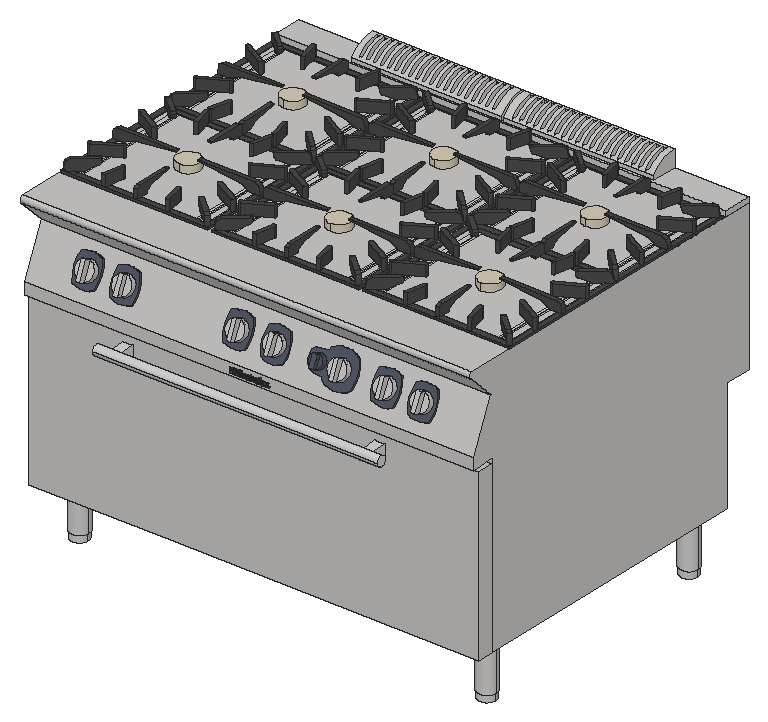
Revit family "QF_ELECTROLUXPROFESSIONAL_391466_E9AAOABJMIE", category Attrezzature speciali, Revit 2018 (continued)
Definition of nested family "371009_BURNER"
  Automatic sketch dimensions
    Extrusion 6 sketch curve to Extrusion 6 sketch curve = 16.281 mm
    Extrusion 6 sketch curve to Extrusion 6 sketch curve = 1.035 mm
    Extrusion 6 sketch curve to Extrusion 6 sketch curve = 19.417 mm
    Extrusion 6 sketch curve to Extrusion 6 sketch curve = 4.763 mm  (x2)
    Extrusion 6 sketch curve to Extrusion 6 sketch curve = 3.716 mm
    plane 10 to Extrusion 7 sketch curve = 5 mm  (x2)
    Extrusion 7 sketch curve to Extrusion 7 sketch curve = 2.692 mm  (x2)
    Extrusion 7 sketch curve to Extrusion 7 sketch curve = 10.213 mm  (x2)
    plane 10 to Extrusion 7 sketch curve = 12.281 mm
    Extrusion 7 sketch curve to Extrusion 7 sketch curve = 29.348 mm  (x2)
    Extrusion 7 sketch curve to Extrusion 7 sketch curve = 3.155 mm  (x2)
    Extrusion 7 sketch curve to Extrusion 7 sketch curve = 22.572 mm
    Extrusion 7 sketch curve to Extrusion 7 sketch curve = 8.81 mm
    Extrusion 7 sketch curve to Extrusion 7 sketch curve = 9.845 mm  (x2)
    Extrusion 7 sketch curve to Extrusion 7 sketch curve = 3.99 mm  (x2)
    Extrusion 7 sketch curve to Extrusion 7 sketch curve = 0 mm  (x2)
    Extrusion 7 sketch curve to Extrusion 7 sketch curve = 21.306 mm
    Extrusion 7 sketch curve to plane 10 = 64.377 mm  (x2)
    Extrusion 7 sketch curve to Extrusion 7 sketch curve = 326.397 mm
    Extrusion 7 sketch curve to plane 6 "TOP" = 28.141 mm
    Extrusion 7 sketch curve to Extrusion 7 sketch curve = 16.281 mm
    Extrusion 7 sketch curve to Extrusion 7 sketch curve = 1.035 mm
    Extrusion 7 sketch curve to Extrusion 7 sketch curve = 19.417 mm
    Extrusion 7 sketch curve to Extrusion 7 sketch curve = 7.281 mm
    Extrusion 7 sketch curve to Extrusion 7 sketch curve = 10.713 mm
    curve 58 to curve 12 = 72.824 mm
    curve 30 to curve 30 = 73.227 mm
    curve 58 to curve 5 = 10.263 mm
    curve 5 to curve 58 = 0 mm
    curve 59 to curve 30 = 10.263 mm
    curve 30 to curve 8 = 9.4 mm
    curve 31 to curve 32 = 0 mm
    curve 33 to curve 38 = 0 mm  (x2)
    curve 33 to curve 39 = 0 mm  (x2)
    curve 33 to curve 40 = 0 mm  (x2)
    plane 1 "BACK" to curve 41 = 0 mm
    curve 41 to plane 3 "LEFT" = 0 mm
    curve 31 to plane 7 "Center Y" = 0 mm
    curve 33 to plane 7 "Center Y" = 0 mm
    curve 41 to plane 4 "RIGHT" = 0 mm
    plane 3 "LEFT" to curve 76 = 1.326 mm
    plane 3 "LEFT" to curve 64 = 1.326 mm
    plane 3 "LEFT" to curve 44 = 2.995 mm
    plane 3 "LEFT" to curve 46 = 2.995 mm
    curve 43 to curve 43 = 2.408 mm
    curve 46 to curve 47 = 2.408 mm
    curve 47 to curve 47 = 2.408 mm
    curve 43 to curve 42 = 2.408 mm
    curve 76 to plane 5 "FRONT" = 0.514 mm
    plane 3 "LEFT" to curve 76 = 8.029 mm
    plane 1 "BACK" to curve 62 = 0.514 mm
    plane 3 "LEFT" to curve 62 = 8.029 mm
    curve 48 to curve 75 = 50.941 mm
    curve 43 to curve 63 = 50.941 mm
    curve 75 to curve 75 = 3.351 mm
    curve 63 to curve 63 = 3.351 mm
    plane 1 "BACK" to curve 62 = 52.383 mm
    curve 63 to curve 62 = 3.351 mm
    curve 74 to plane 5 "FRONT" = 52.383 mm
    curve 75 to curve 74 = 3.351 mm
    plane 3 "LEFT" to curve 46 = 65.629 mm
    plane 3 "LEFT" to curve 44 = 65.629 mm
    curve 45 to curve 45 = 2.408 mm
    curve 46 to curve 49 = 2.408 mm
    curve 49 to curve 48 = 2.408 mm
    curve 45 to curve 42 = 2.408 mm
    curve 38 to plane 8 "Center X" = 2.597 mm
    curve 38 to plane 7 "Center Y" = 51.172 mm
    curve 33 to plane 8 "Center X" = 2.597 mm
    curve 38 to curve 33 = 12.999 mm
    curve 33 to plane 7 "Center Y" = 5 mm
    curve 38 to plane 7 "Center Y" = 5 mm
    curve 31 to curve 33 = 0 mm
    plane 7 "Center Y" to curve 32 = 5 mm
    plane 7 "Center Y" to curve 40 = 5 mm
    curve 39 to curve 32 = 0 mm
    curve 39 to plane 8 "Center X" = 2.597 mm
    plane 7 "Center Y" to curve 39 = 38.172 mm
    curve 40 to plane 8 "Center X" = 2.704 mm
    curve 39 to curve 40 = 12.979 mm
    curve 50 to plane 4 "RIGHT" = 70.445 mm
    curve 57 to plane 4 "RIGHT" = 70.445 mm
    curve 50 to curve 53 = 2.408 mm
    curve 57 to curve 57 = 2.408 mm  (x2)
    curve 53 to curve 53 = 2.408 mm
    curve 71 to curve 71 = 3.351 mm
    curve 67 to curve 67 = 3.351 mm
    curve 71 to curve 69 = 3.351 mm
    curve 67 to curve 65 = 3.351 mm
    curve 60 to plane 4 "RIGHT" = 15 mm
    curve 72 to plane 5 "FRONT" = 0.514 mm
    curve 72 to plane 4 "RIGHT" = 8.029 mm
    plane 1 "BACK" to curve 68 = 0.514 mm
    curve 68 to plane 4 "RIGHT" = 8.029 mm
    curve 50 to plane 4 "RIGHT" = 7.81 mm
    curve 55 to plane 4 "RIGHT" = 7.81 mm
    curve 55 to curve 55 = 2.408 mm
    curve 50 to curve 51 = 2.408 mm
    curve 55 to plane 4 "RIGHT" = 2.995 mm
    curve 51 to plane 4 "RIGHT" = 2.995 mm
    curve 69 to plane 4 "RIGHT" = 1.326 mm
    curve 65 to plane 4 "RIGHT" = 1.326 mm
    curve 72 to plane 5 "FRONT" = 7.935 mm
    curve 60 to plane 5 "FRONT" = 20.286 mm
    curve 71 to curve 56 = 27.93 mm
    curve 73 to curve 48 = 27.93 mm
    curve 47 to curve 47 = 4.382 mm
    curve 55 to curve 55 = 4.382 mm
    curve 56 to plane 8 "Center X" = 55.651 mm
    curve 48 to plane 8 "Center X" = 55.651 mm
    curve 57 to curve 57 = 4.382 mm
    curve 49 to curve 49 = 4.382 mm
    curve 40 to plane 8 "Center X" = 44.773 mm
    curve 39 to curve 32 = 4.818 mm
    plane 8 "Center X" to curve 31 = 2.403 mm
    plane 8 "Center X" to curve 45 = 46.886 mm
    plane 8 "Center X" to curve 52 = 46.886 mm
    curve 53 to curve 53 = 4.382 mm
    curve 45 to curve 45 = 4.382 mm
    curve 53 to curve 52 = 34.416 mm
    curve 44 to curve 61 = 36.694 mm
    curve 43 to curve 43 = 4.382 mm
    curve 51 to curve 51 = 4.382 mm
    curve 51 to curve 65 = 27.93 mm
    plane 1 "BACK" to curve 83 = 20.286 mm
    plane 1 "BACK" to curve 88 = 15 mm
    plane 1 "BACK" to curve 77 = 15 mm
    curve 77 to curve 83 = 30.799 mm
    curve 78 to plane 5 "FRONT" = 15 mm
    curve 80 to curve 71 = 7.989 mm
    curve 78 to curve 60 = 30.799 mm
    curve 78 to curve 80 = 13.475 mm
    curve 55 to curve 79 = 10.979 mm
    curve 82 to curve 57 = 6.514 mm
    curve 80 to curve 78 = 0 mm
    curve 80 to curve 82 = 11.41 mm
    curve 77 to curve 66 = 37.77 mm
    curve 60 to curve 79 = 11.41 mm
    plane 8 "Center X" to curve 81 = 7.403 mm
    plane 8 "Center X" to curve 84 = 7.403 mm
    curve 82 to plane 8 "Center X" = 2.597 mm
    curve 82 to curve 84 = 0 mm
    curve 79 to plane 8 "Center X" = 2.597 mm
    curve 79 to curve 81 = 0 mm
    curve 81 to curve 51 = 10.979 mm
    curve 53 to curve 85 = 17.924 mm
    curve 84 to curve 81 = 30.799 mm
    curve 84 to curve 85 = 11.41 mm
    curve 52 to curve 84 = 19.83 mm
    curve 81 to curve 83 = 11.41 mm
    curve 67 to curve 85 = 7.989 mm
    curve 85 to curve 77 = 0 mm
    curve 85 to curve 77 = 13.475 mm
    curve 86 to curve 37 = 26.152 mm
    curve 4 to curve 86 = 10.263 mm
    curve 86 to curve 4 = 0 mm
    curve 36 to curve 21 = 26.152 mm
    curve 88 to curve 88 = 25 mm
    plane 8 "Center X" to curve 89 = 69.193 mm
    curve 43 to curve 90 = 9.597 mm
    curve 43 to curve 90 = 0.432 mm
    plane 1 "BACK" to curve 90 = 20.286 mm
    curve 93 to plane 8 "Center X" = 2.597 mm
    plane 8 "Center X" to curve 91 = 7.403 mm
    curve 95 to plane 8 "Center X" = 69.193 mm
    curve 93 to curve 94 = 28.333 mm
    curve 95 to curve 12 = 33.104 mm
    curve 21 to curve 87 = 10.263 mm
    curve 87 to curve 21 = 0 mm
    curve 91 to curve 90 = 11.41 mm
    curve 89 to curve 87 = 21.732 mm
    curve 89 to curve 92 = 11.41 mm
    curve 92 to curve 89 = 0 mm
    plane 8 "Center X" to curve 92 = 7.403 mm
    curve 91 to curve 90 = 0 mm
    curve 93 to curve 95 = 0 mm
    curve 93 to curve 95 = 11.41 mm
    curve 11 to curve 94 = 0 mm
    curve 11 to curve 94 = 11.41 mm
    curve 95 to curve 11 = 30.799 mm
    curve 95 to curve 12 = 13.475 mm
    plane 3 "LEFT" to curve 95 = 45.799 mm
    curve 95 to curve 5 = 33.104 mm
    Extrusion 8 sketch curve to Extrusion 3 = 5.275 mm  (x2)
    Extrusion 8 sketch curve to Extrusion 8 sketch curve = 1.125 mm  (x16)
    Extrusion 3 to Extrusion 8 sketch curve = 38.711 mm  (x2)
    Extrusion 8 sketch curve to Extrusion 3 = 7.19 mm  (x3)
    Extrusion 3 to Extrusion 8 sketch curve = 72.734 mm  (x2)
    Extrusion 8 sketch curve to Extrusion 8 sketch curve = 4.382 mm  (x16)
    Extrusion 8 sketch curve to Extrusion 3 = 2.995 mm  (x4)
    Extrusion 8 sketch curve to Extrusion 8 sketch curve = 34.416 mm  (x4)
    Extrusion 3 to Extrusion 8 sketch curve = 50.629 mm  (x3)
    Extrusion 8 sketch curve to Extrusion 8 sketch curve = 93.773 mm  (x2)
    Extrusion 3 to Extrusion 8 sketch curve = 40.96 mm  (x2)
    Extrusion 8 sketch curve to Extrusion 3 = 7.476 mm  (x2)
    Extrusion 8 sketch curve to Extrusion 8 sketch curve = 2.408 mm  (x4)
    Extrusion 3 to Extrusion 8 sketch curve = 91.634 mm  (x2)
    Extrusion 8 sketch curve to Extrusion 8 sketch curve = 4.872 mm  (x8)
    Extrusion 8 sketch curve to Extrusion 8 sketch curve = 11.182 mm  (x4)
    Extrusion 3 to Extrusion 8 sketch curve = 112.56 mm
    Extrusion 8 sketch curve to Extrusion 8 sketch curve = 61.931 mm
    Extrusion 3 to Extrusion 8 sketch curve = 55.445 mm
    Extrusion 8 sketch curve to Extrusion 8 sketch curve = 4.816 mm
    curve 67 to curve 85 = 19.656 mm
    curve 71 to curve 80 = 19.656 mm
    curve 99 to plane 5 "FRONT" = 7.524 mm
    curve 74 to curve 99 = 41.179 mm
    curve 98 to curve 99 = 4.872 mm
    curve 96 to plane 5 "FRONT" = 5.275 mm
    curve 99 to curve 96 = 4.872 mm
    curve 99 to curve 98 = 11.182 mm
    curve 98 to curve 97 = 4.872 mm
    curve 96 to plane 5 "FRONT" = 53.711 mm
    curve 97 to curve 96 = 4.872 mm
    curve 97 to curve 97 = 1.125 mm
    curve 103 to curve 70 = 62.105 mm
    curve 103 to curve 103 = 4.872 mm  (x2)
    curve 100 to plane 5 "FRONT" = 5.275 mm
    curve 100 to curve 100 = 11.182 mm
    curve 101 to curve 101 = 4.872 mm
    curve 102 to plane 5 "FRONT" = 7.524 mm
    curve 101 to curve 102 = 4.872 mm
    curve 100 to curve 100 = 48.436 mm
    curve 103 to curve 103 = 1.125 mm
    curve 106 to curve 67 = 62.105 mm
    curve 107 to curve 107 = 4.872 mm
    plane 1 "BACK" to curve 104 = 55.96 mm
    curve 107 to curve 104 = 4.872 mm
    plane 1 "BACK" to curve 105 = 5.275 mm
    curve 107 to curve 105 = 11.182 mm
    curve 105 to curve 105 = 4.872 mm  (x2)
    curve 107 to curve 107 = 1.125 mm
    plane 1 "BACK" to curve 104 = 7.524 mm
    plane 1 "BACK" to curve 109 = 7.524 mm
    curve 62 to curve 109 = 41.179 mm
    curve 109 to curve 109 = 4.872 mm
    plane 1 "BACK" to curve 108 = 5.275 mm
    curve 109 to curve 108 = 4.872 mm
    curve 110 to curve 111 = 11.182 mm
    curve 110 to curve 111 = 4.872 mm
    plane 1 "BACK" to curve 108 = 53.711 mm
    curve 111 to curve 108 = 4.872 mm
    curve 111 to curve 108 = 2.25 mm
    radius of Extrusion 4 sketch curve = 30 mm
Types (2, lengths in mm): name | URL | Modello | Produttore | Gas Size | Descrizione
  (no name) | "www.electrolux.com" | "391016" | "ELECTROLUX" | 0" | "900XP 6 GAS BURNERS 10kW ON LARGE GAS OVEN"
  Standard | "https://www.electroluxprofessional.com/" | "E9AAOABJMIE" | "Electrolux Professional" | 1/2" | "6-BURNER (10KW) GAS RANGE+LARGE GAS OVEN 1200MM - 3MM WORKTOP"
